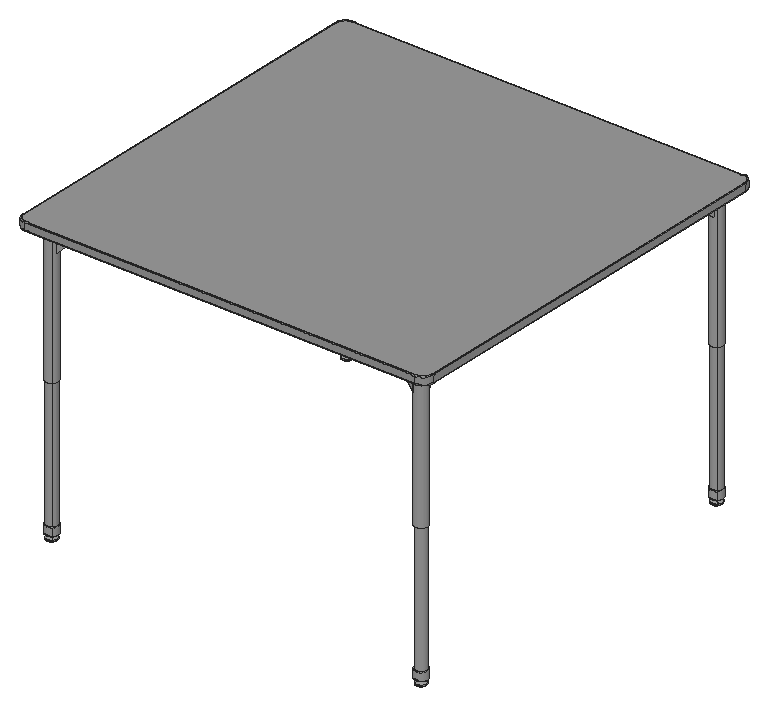
Revit family "Hierarchy Activity 60in Square Table - Standing Height", category Furniture, Revit 2018
Family settings
  Work Plane-Based = No
  Always vertical = Yes
  Cut with Voids When Loaded = No
  Shared = No
  Room Calculation Point = No
Parameters
  Table Height = 3' - 5"
  Surface = Hierarchy Activity 60" Square Table Standing Surface
  Leg Finish = Hierarchy Leg Platinum
  Edgeband = Hierarchy Activity 60" Square Table Standing Edgeband
  Caster/Glide = Hierarchy Standing Leg - Glide : Hierarchy Standing Leg - Glide
Reference planes (in)
  plane 1 "Center (Front/Back)": y = 0
  plane 2: z = 0
  plane 3 "Center (Left/Right)": x = 0
  plane 4: z = 41
Dimensions and locks (in)
  "Table Height": plane 4 to level
  aligned and locked: plane 2 to level
  aligned and locked: nested 1 to plane 4
Nested families (in)
  nested 1: "Activity 60x60 Tabletop" at (0, 0, 17.075), type "Activity 60x60 Tabletop"
  nested 2: "Hierarchy Standing Leg - Glide" at (-27, 27, 0) x (0.7071, 0.7071, 0) z (0, 0, 1), Leg Height <- "Table Height", type <- "Caster/Glide", Leg Finish <- "Leg Finish", type "Hierarchy Standing Leg - Glide"
  nested 3: "Hierarchy Standing Leg - Glide" at (-27, -27, 0) x (0.7071, -0.7071, 0) z (0, 0, 1), Leg Height <- "Table Height", type <- "Caster/Glide", Leg Finish <- "Leg Finish", type "Hierarchy Standing Leg - Glide"
  nested 4: "Hierarchy Standing Leg - Glide" at (27, 27, 0) x (-0.7071, 0.7071, 0) z (0, 0, 1), Leg Height <- "Table Height", Leg Finish <- "Leg Finish", type "Hierarchy Standing Leg - Glide"
  nested 5: "Hierarchy Standing Leg - Glide" at (27, -27, 0) x (-0.7071, -0.7071, 0) z (0, 0, 1), Leg Height <- "Table Height", Leg Finish <- "Leg Finish", type "Hierarchy Standing Leg - Glide"
Definition of nested family "Activity 60x60 Tabletop"
  Parameters (values of type "Activity 60x60 Tabletop")
    Surface = none
    Edgeband = none
  Reference planes (in)
    plane 1 "Center (Front/Back)": y = 0
    plane 2: z = 0
    plane 3 "Center (Left/Right)": x = 0
  Forms (in)
    Extrusion 1, solid, material <- "Surface"
      sketch origin (0, 3, 0) x (1, 0, 0) y (0, 1, 0)
        loop
          line (28.5, 26.88281) -> (-28.5, 26.88281)
          arc (-28.5, 26.88281) -> (-29.47714, 26.47807) -> (-29.88189, 25.50092) r 1.38189
          line (-29.88189, 25.50092) -> (-29.88189, -31.50092)
          arc (-29.88189, -31.50092) -> (-29.47714, -32.47807) -> (-28.5, -32.88281) r 1.38189
          line (-28.5, -32.88281) -> (28.5, -32.88281)
          arc (28.5, -32.88281) -> (29.47714, -32.47807) -> (29.88189, -31.50092) r 1.38189
          line (29.88189, -31.50092) -> (29.88189, 25.50092)
          arc (29.88189, 25.50092) -> (29.47714, 26.47807) -> (28.5, 26.88281) r 1.38189
      from 23.925 to 25.125
    Sweep 2, solid, material <- "Edgeband"
      path origin (0, 3, 0) x (1, 0, 0) y (0, 1, 0)
        loop
          line (28.5, 26.88281) -> (-28.5, 26.88281)
          arc (-28.5, 26.88281) -> (-29.47714, 26.47807) -> (-29.88189, 25.50092) r 1.38189
          line (-29.88189, 25.50092) -> (-29.88189, -31.50092)
          arc (-29.88189, -31.50092) -> (-29.47714, -32.47807) -> (-28.5, -32.88281) r 1.38189
          line (-28.5, -32.88281) -> (28.5, -32.88281)
          arc (28.5, -32.88281) -> (29.47714, -32.47807) -> (29.88189, -31.50092) r 1.38189
          line (29.88189, -31.50092) -> (29.88189, 25.50092)
          arc (29.88189, 25.50092) -> (29.47714, 26.47807) -> (28.5, 26.88281) r 1.38189
      profile origin (0, 29.88281, 0) x (0, -1, 0) y (0, 0, 1)
        loop
          arc (-0.11811, 24.04311) -> (-0.08352, 23.95959) -> (0, 23.925) r 0.11811
          line (0, 23.925) -> (0, 25.125)
          arc (0, 25.125) -> (-0.08352, 25.09041) -> (-0.11811, 25.00689) r 0.11811
          line (-0.11811, 25.00689) -> (-0.11811, 24.04311)
  Dimensions and locks (in)
    aligned and locked: plane 2 to level
Definition of nested family "Hierarchy Standing Leg - Glide"
  Parameters (values of type "Hierarchy Standing Leg - Glide")
    Leg Finish [instance] = none
    Leg Height [instance] = 3' - 5"
  Reference planes (in)
    plane 1 "Center (Front/Back)": y = 0
    plane 2: z = 0
    plane 3 "Center (Left/Right)": x = 0
  Forms (in)
    Extrusion 1, solid
      sketch origin (-0.01562, 0, 0) x (1, 0, 0) y (0, 1, 0)
        loop
          circle (0.01563, 0) r 0.79147
      from 2 to 23.175
    Revolve 2, solid
      sketch origin (0, 0, 0) x (1, 0, 0) y (0, 0, 1)
        loop
          line (0, 2) -> (0, 0.74937) -> (0.84838, 0.74937)
          arc (0.84838, 0.74937) -> (0.89342, 0.76803) -> (0.91207, 0.81306) r 0.06369
          line (0.91207, 0.81306) -> (0.91207, 1.93631)
          arc (0.91207, 1.93631) -> (0.89342, 1.98134) -> (0.84838, 2) r 0.06369
          line (0.84838, 2) -> (0, 2)
        axis (0, 2) -> (0, 0.74937)
      angle from 0 to 360
    Revolve 3, solid
      sketch origin (0, 0, 0) x (1, 0, 0) y (0, 0, 1)
        loop
          line (0, 0.75) -> (0, 0) -> (0.74583, 0) -> (0.79147, 0.09013) -> (0.79147, 0.16241) -> (0.12474, 0.5) -> (0.12474, 0.75) -> (0, 0.75)
        axis (0, 0.75) -> (0, 0)
      angle from 0 to 360
  Dimensions and locks (in)
    "Leg Height": nested 1 to level
    aligned and locked: plane 2 to level
  Automatic sketch dimensions
    plane 1 "Center (Front/Back)" to Extrusion 1 sketch curve = 0' - 0"
    Extrusion 1 sketch curve to plane 3 "Center (Left/Right)" = 0' - 0"
    Revolve 2 sketch curve to plane 3 "Center (Left/Right)" = 0' - 0"  (x2)
    plane 3 "Center (Left/Right)" to Revolve 2 sketch curve = 0' - 0.84838"
    Revolve 2 sketch curve to Revolve 2 sketch curve = 0' - 0.84838"
    Revolve 2 sketch curve to Revolve 2 sketch curve = 0' - 0.06369"
    level to Revolve 2 sketch curve = 0' - 0.74937"
    Revolve 2 sketch curve to Revolve 2 sketch curve = 0' - 1.12324"
    Revolve 2 sketch curve to Revolve 2 sketch curve = 0' - 0.13731"
    Revolve 2 sketch curve to Revolve 2 sketch curve = 0' - 0 3/4"
    Revolve 3 sketch curve to plane 3 "Center (Left/Right)" = 0' - 0"  (x2)
    Revolve 3 sketch curve to level = 0' - 0"
    plane 3 "Center (Left/Right)" to Revolve 3 sketch curve = 0' - 0.12474"
    plane 3 "Center (Left/Right)" to Revolve 3 sketch curve = 0' - 0.74583"
    Revolve 3 sketch curve to Revolve 3 sketch curve = 0' - 0.04564"
    level to Revolve 3 sketch curve = 0' - 0.09013"
    Revolve 3 sketch curve to Revolve 3 sketch curve = 0' - 0.07228"
    level to Revolve 3 sketch curve = 0' - 0 1/2"
    Revolve 3 sketch curve to Revolve 3 sketch curve = 0' - 0 1/4"
    Revolve 3 sketch curve to level = 0' - 0 1/8"
    Revolve 3 sketch curve to Revolve 3 sketch curve = 0' - 0 1/8"
    radius of Extrusion 1 sketch curve = 0' - 0.79147"
  Nested families (in)
    nested 1: "Hierarchy Standing Upper Leg 2023" at (0, 0, 0.19983), Leg Finish <- "Leg Finish", type "Hierarchy Standing Upper Leg 2023"
      with Leg Finish none
  Definition of nested family "Hierarchy Standing Upper Leg 2023"
    Parameters (values of type "Hierarchy Standing Upper Leg 2023")
      Leg Finish [instance] = none
    Reference planes (in)
      plane 1 "Center (Front/Back)": y = 0
      plane 2: z = 0
      plane 3 "Center (Left/Right)": x = 0
    Forms (in)
      Extrusion 1, solid, material <- "Leg Finish"
        sketch origin (0, 0, 0) x (1, 0, 0) y (0, 1, 0)
          loop
            circle (0, 0) r 0.9129
        from 20.67418 to 40.67418
      Extrusion 2, solid, material <- "Leg Finish"
        sketch origin (0, 0, 12.998) x (1, 0, 0) y (0, 1, 0)
          loop
            line (-1.70174, 0.19183) -> (-3.96611, -4.49738)
            arc (-3.96611, -4.49738) -> (-3.91977, -5.33444) -> (-3.18615, -5.74016) r 0.86614
            line (-3.18615, -5.74016) -> (3.18615, -5.74016)
            arc (3.18615, -5.74016) -> (3.91977, -5.33444) -> (3.96611, -4.49738) r 0.86614
            line (3.96611, -4.49738) -> (1.70174, 0.19183)
            arc (1.70174, 0.19183) -> (0, 1.25984) -> (-1.70174, 0.19183) r 1.88976
        from 27.67618 to 27.80217
      Extrusion 3, solid, material <- "Leg Finish"
        sketch origin (12.41967, 1.58692, 0) x (0.434844, 0.900506, 0) y (0, 0, 1)
          loop
            arc (-12.68776, 40.67418) -> (-12.80559, 40.56418) -> (-12.70394, 40.43908) r 0.11811
            arc (-12.70394, 40.43908) -> (-9.98192, 39.53509) -> (-7.76426, 37.71614) r 7.87402
            arc (-7.76426, 37.71614) -> (-7.63344, 37.68136) -> (-7.55587, 37.79229) r 0.11811
            line (-7.55587, 37.79229) -> (-7.55587, 40.67418) -> (-12.68776, 40.67418)
        from -11.10976 to -10.98378
      Extrusion 4, solid, material <- "Leg Finish"
        sketch origin (-12.41967, 1.58692, 0) x (-0.434844, 0.900506, 0) y (0, 0, -1)
          loop
            line (-12.68776, -40.67418) -> (-7.55587, -40.67418) -> (-7.55587, -37.79229)
            arc (-7.55587, -37.79229) -> (-7.63344, -37.68136) -> (-7.76426, -37.71614) r 0.11811
            arc (-7.76426, -37.71614) -> (-9.98192, -39.53509) -> (-12.70394, -40.43908) r 7.87402
            arc (-12.70394, -40.43908) -> (-12.80559, -40.56418) -> (-12.68776, -40.67418) r 0.11811
        from -11.10976 to -10.98378
    Dimensions and locks (in)
      aligned and locked: plane 2 to level
